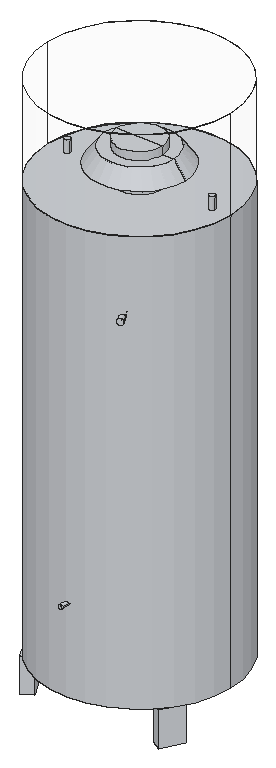
Revit family
Parameters (values of type "CGN065 065")
  water outlet radius = 3/8"
  water inlet radius = 3/8"
  gas inlet length = radius + 1"  # 13"
  water inlet outlet dist from cntr = radius - 2 1/2"  # 9 1/2"
  gas connection radius = 1/4"
  E_gas connection height = 15 1/2"
  vent radius = 3"
  top clearance = 12"
  tank height = 60"
  flue dimension = vent radius + 3"  # 6"
  SES BIM Studio # = "201264902-43"
  URL = ""
  Model = "CGN065 065"
  Manufacturer = "Lochinvar"
  MODEL NO. = "CGN065 065"
  GALLON CAPACITY = "65"
  feet height = 4 1/2"
  C/D_water_inlet_oultlet_height = 61 1/2"
  B_DIAMETER = radius * 2  # 24"
  INPUT RATE (BTUH) = "65,000"
  A_HEIGHT = tank height + 5"  # 65"
  FUEL TYPE = "Natural Gas"
  Description = "Light Duty Charger Commercial Gas Water Heater"
  Fuel Type = "Natural Gas"
  radius = 12"
Types (5): name | water outlet radius | water inlet radius | gas inlet length | water inlet outlet dist from cntr | gas connection radius | E_gas connection height | vent radius | tank height | flue dimension | SES BIM Studio # | Model | MODEL NO. | GALLON CAPACITY | C/D_water_inlet_oultlet_height | B_DIAMETER | INPUT RATE (BTUH) | A_HEIGHT | FUEL TYPE | Description | Fuel Type | radius
  (no name) | 3/8" | 3/8" | 13" | 9 1/2" | 1/4" | 15 1/2" | 3" | 60" | 6" | "201264902-43" | "CGN065 065" | "CGN065 065" | "65" | 61 1/2" | 24" | "65,000" | 65" | "Natural Gas" | "Light Duty Charger Commercial Gas Water Heater" | "Natural Gas" | 12"
  model number | 3/4" | 3/4" | 14 7/8" | 11 3/8" | 3/8" | 19 3/4" | 3" | 69 3/4" | 6" | "" | "" | "" | "" | 52" | 27 3/4" | "" | 74 3/4" | "" | "" | "" | 13 7/8"
  CGN065 065 | 3/8" | 3/8" | 13" | 9 1/2" | 1/4" | 15 1/2" | 3" | 60" | 6" | "201264902-43" | "CGN065 065" | "CGN065 065" | "65" | 61 1/2" | 24" | "65,000" | 65" | "Natural Gas" | "Light Duty Charger Commercial Gas Water Heater" | "Natural Gas" | 12"
  CGN 075 075 | 1/2" | 1/2" | 14 1/4" | 10 3/4" | 1/4" | 15 1/4" | 4" | 56" | 7" | "201264902-43" | "CGN075 075" | "CGN075 075" | "74" | 58 1/2" | 26 1/2" | "75,100" | 61" | "Natural Gas" | "Light Duty Charger Commercial Gas Water Heater" | "Natural Gas" | 13 1/4"
  CGN075 100 | 5/8" | 5/8" | 14 1/4" | 10 3/4" | 1/4" | 15 1/4" | 4" | 63 1/2" | 7" | "201264902-43" | "CGN075 100" | "CGN075 100" | "98" | 66 1/2" | 26 1/2" | "75,100" | 68 1/2" | "Natural Gas" | "Light Duty Charger Commercial Gas Water Heater" | "Natural Gas" | 13 1/4"
Reference planes (in)
  plane 1 "Center (Front/Back)": y = 6.125
  plane 2: z = 0
  plane 3 "Center (Left/Right)": x = -1.39218
  plane 4 "Top": z = 60
  plane 5 "Top Clearance": z = 72
  plane 6 "Foot Offset Plane": through (-1.39218, 6.125, 48) normal (-0.866, 0.5, 0)
  plane 7 "Foot Offset Plane 2": through (-1.39218, 6.125, 48) normal (-0.866, -0.5, 0)
  plane 8 "Tank Bottom": z = 4.5
Forms (in)
  Extrusion 1, solid, material "Clearance"
    sketch origin (0, 0, 60) x (-1, 0, 0) y (0, -1, 0)
      loop
        circle (1.39218, -6.125) r 12
    from 0 to 12
  Extrusion 2, solid
    sketch origin (0, 0, 0) x (1, 0, 0) y (0, 1, 0)
      loop
        line (-11.99322, 0.48654) -> (-10.49322, -2.11154) -> (-9.19418, -1.36154) -> (-10.69418, 1.23654) -> (-11.99322, 0.48654)
      loop
        line (7.70886, -2.11154) -> (9.20886, 0.48654) -> (7.90982, 1.23654) -> (6.40982, -1.36154) -> (7.70886, -2.11154)
      loop
        line (-2.89218, 16.625) -> (0.10782, 16.625) -> (0.10782, 18.125) -> (-2.89218, 18.125) -> (-2.89218, 16.625)
    from 0 to 4.5 <- "feet height"
  Extrusion 3, solid
    sketch origin (0, 0, 4.5) x (-1, 0, 0) y (0, -1, 0)
      loop
        circle (1.39218, -6.125) r 12
    from 0 to 55.5
  Revolve 4, solid
    sketch origin (0, 6.125, 0) x (1, 0, 0) y (0, 0, 1)
      loop
        line (-1.39218, 60) -> (1.60782, 60) -> (1.60782, 62) -> (4.60782, 62) -> (3.10782, 64) -> (1.60782, 64) -> (1.60782, 65) -> (-1.39218, 65) -> (-1.39218, 60)
      axis (-1.39218, 60) -> (-1.39218, 65)
    angle from 0 to 360
  Extrusion 5, solid
    sketch origin (0, 6.125, 0) x (1, 0, 0) y (0, 0, 1)
      loop
        circle (-1.39218, 15.5) r 0.25
    from 0 to 13 <- "gas inlet length"
  Extrusion 6, solid
    sketch origin (-0.18652, 6.82109, 0) x (0.866025, 0.5, 0) y (0, 0, 1)
      loop
        circle (-1.39218, 50.5) r 0.375
    from 0 to 13 <- "gas inlet length"
  Extrusion 7, solid
    sketch origin (0, 0, 60) x (-1, 0, 0) y (0, -1, 0)
      loop
        circle (-8.10782, -6.125) r 0.375
      loop
        circle (10.89218, -6.125) r 0.375
    from 0 to 1.5
Dimensions and locks (in)
  "tank height": plane 4 "Top" to level
  "top clearance": plane 5 "Top Clearance" to plane 4 "Top"
  "radius": plane 1 "Center (Front/Back)" to Extrusion 2 sketch curve
  locked: Extrusion 2 sketch curve to Extrusion 2 sketch curve at 3  (x3)
  locked: Extrusion 2 sketch curve to Extrusion 1 at 1.5
  locked: Extrusion 2 sketch curve to Extrusion 2 sketch curve at 1.5  (x2)
  "radius": Extrusion 2 sketch curve to plane 7 "Foot Offset Plane 2"
  "radius": plane 6 "Foot Offset Plane" to Extrusion 2 sketch curve
  "feet height": plane 8 "Tank Bottom" to level
  locked: Revolve 4 sketch curve to plane 4 "Top" at 5
  "vent radius": Revolve 4 sketch curve to plane 3 "Center (Left/Right)"
  Revolve 4 sketch curve to Revolve 4 sketch curve = 1 1/2"
  "flue dimension": Revolve 4 sketch curve to plane 3 "Center (Left/Right)"
  "E_gas connection height": Extrusion 5 sketch curve to level
  Extrusion 5 to level = 15 1/2"
  locked: plane 4 "Top" to Extrusion 6 sketch curve at 9.5
  "water inlet outlet dist from cntr": plane 3 "Center (Left/Right)" to Extrusion 7 sketch curve
  "water inlet outlet dist from cntr": Extrusion 7 sketch curve to plane 3 "Center (Left/Right)"
  "C/D_water_inlet_oultlet_height": Extrusion 7 to level
  Revolve 4 to Extrusion 3 = 5"
  "radius": radius of Extrusion 1 sketch curve
  "radius": radius of Extrusion 3 sketch curve
  "gas connection radius": radius of Extrusion 5 sketch curve
  "water inlet radius": radius of Extrusion 6 sketch curve
  "water outlet radius": radius of Extrusion 7 sketch curve
  "water inlet radius": radius of Extrusion 7 sketch curve
  aligned and locked: plane 5 "Top Clearance" to Extrusion 1
  aligned and locked: plane 4 "Top" to Extrusion 3
Automatic sketch dimensions
  plane 1 "Center (Front/Back)" to Extrusion 1 sketch curve = 0"
  Extrusion 1 sketch curve to plane 3 "Center (Left/Right)" = 0"
  Extrusion 2 sketch curve to plane 3 "Center (Left/Right)" = 1 1/2"
  plane 1 "Center (Front/Back)" to Extrusion 2 sketch curve = 4.88846"  (x2)
  plane 1 "Center (Front/Back)" to Extrusion 3 sketch curve = 0"
  Extrusion 3 sketch curve to plane 3 "Center (Left/Right)" = 0"
  Extrusion 5 sketch curve to plane 3 "Center (Left/Right)" = 0"
  Extrusion 6 sketch curve to plane 7 "Foot Offset Plane 2" = 0"
  plane 1 "Center (Front/Back)" to Extrusion 7 sketch curve = 0"  (x2)
  Revolve 4 sketch curve to plane 3 "Center (Left/Right)" = 0"  (x2)
  Revolve 4 sketch curve to plane 4 "Top" = 0"
  plane 3 "Center (Left/Right)" to Revolve 4 sketch curve = 3"
  plane 8 "Tank Bottom" to Revolve 4 sketch curve = 26 1/4"
  plane 4 "Top" to Revolve 4 sketch curve = 2"
  Revolve 4 sketch curve to Revolve 4 sketch curve = 1"
  plane 5 "Top Clearance" to Revolve 4 sketch curve = 24"
Connectors (in)
  piping at (-1.39218, -6.875, 15.5), driven by "gas connection radius"
    settings: on Extrusion 5, index 1, connector radius 1/4", flow factor 0, pipe flow 0 GPM, pressure drop 0.00 psi, fitting loss kfactor 0, connector angle 0.00°, fixture units 0, flow configuration 0, flow direction 1, fitting loss method 0, system type 22, connector reference index -1, connector utility 1, adjustable connector no, is connector primary yes, fitting loss table "", connector description "Gas Inlet"
  piping at (8.10782, 6.125, 61.5), driven by "water inlet radius"
    settings: on Extrusion 7, index 2, connector radius 3/8", flow factor 0, pipe flow 0 GPM, pressure drop 0.00 psi, fitting loss kfactor 0, connector angle 0.00°, fixture units 0, flow configuration 0, flow direction 1, fitting loss method 0, system type 8, connector reference index -1, connector utility 0, adjustable connector no, is connector primary no, fitting loss table "", connector description ""
  piping at (8.10782, 6.125, 61.5), driven by "water outlet radius"
    settings: on Extrusion 7, index 3, connector radius 3/8", flow factor 0, pipe flow 0 GPM, pressure drop 0.00 psi, fitting loss kfactor 0, connector angle 0.00°, fixture units 0, flow configuration 0, flow direction 2, fitting loss method 0, system type 7, connector reference index -1, connector utility 0, adjustable connector no, is connector primary no, fitting loss table "", connector description ""
